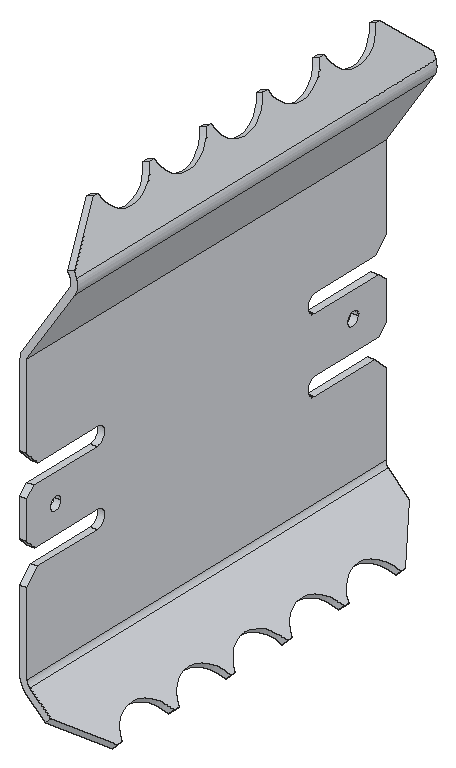
Revit family "Earthing clip 2x for FWKP", category Generic Models, Revit 2017
Family settings
  Can host rebar = No
  Round Connector Dimension = Use Diameter
  Part Type = Normal
  Work Plane-Based = Yes
  Always vertical = No
  Cut with Voids When Loaded = No
  Shared = No
  Room Calculation Point = No
Parameters (values of type "FWKPZ")
  width [instance] = 50 mm  # constant formula
  thickness = 1 mm  # constant formula
  height [instance] = if(Size Options = Option 1, 54.5 mm, 94.5 mm)  # 54.5 mm
  Size Options [instance] = Cable Tray Size : 60
  Range [instance] = if(Size Options = Option 1, 23 mm, 43 mm)  # 23 mm
  Product data url [instance] = if(Size Options = Option 1, "https://www.hager.de/?artnr=FWKPZ003&design=44", "https://www.hager.de/?artnr=FWKPZ004&design=44")  # "https://www.hager.de/?artnr=FWKPZ003&design=44"
  Product Description [instance] = if(Size Options = Option 1, "earthing clip 2x for FWKP height 60", "earthing clip 2x for FWKP height 100")  # "earthing clip 2x for FWKP height 60"
  Path V7 [instance] = if(Size Options = Option 1, "ETIM V7[1474950] / EG000021 - Set for earthing/lightning protection[1474969] / EC001503 - Earthing set[1475342] / [1754864]", "ETIM Version 6[987223] / EG000021 - Set for earthing/lightning protection[987863] / EC001503 - Earthing set[989134] / [1754865]")  # "ETIM V7[1474950] / EG000021 - Set for earthing/lightning protection[1474969] / EC001503 - Earthing set[1475342] / [1754864]"
  Option 2 = Cable Tray Size : 100
  Option 1 = Cable Tray Size : 60
  Group name [instance] = if(Size Options = Option 1, "EG000021", "EG000021")  # "EG000021"
  Group description [instance] = if(Size Options = Option 1, "EG000021 - Set for earthing/lightning protection", "EG000021 - Set for earthing/lightning protection")  # "EG000021 - Set for earthing/lightning protection"
  Edition number = 1
  ETIM Cat V7 = "ETIM_V7"
  Description = ""
  Default Elevation = 1219.2 mm
  Class name [instance] = if(Size Options = Option 1, "EC001503", "EC001503")  # "EC001503"
  Class description [instance] = if(Size Options = Option 1, "EC001503 - Earthing set", "EC001503 - Earthing set")  # "EC001503 - Earthing set"
Reference planes
  plane 1 "Center (Front/Back)": y = 0
  plane 2: z = 0
  plane 3 "Center (Left/Right)": x = 0
  plane 4: z = 54.5
  plane 5: z = 23
  plane 6: z = 39.16
  plane 7: z = 7.11
Forms (mm)
  Extrusion 1, solid, detail levels fine
    sketch origin (0, 0, 0) x (1, 0, 0) y (0, 0, 1)
      loop
        line (6.93, 0.566) -> (1.093, 6.402)
        arc (1.093, 6.402) -> (0.876, 6.727) -> (0.8, 7.11) r 1
        line (0.8, 7.11) -> (0.8, 39.16) -> (6.21, 47.503)
        arc (6.21, 47.503) -> (6.492, 48.311) -> (6.368, 49.158) r 1.8
        line (6.368, 49.158) -> (4.206, 54.5) -> (3.464, 54.2) -> (5.627, 48.858)
        arc (5.627, 48.858) -> (5.695, 48.388) -> (5.539, 47.939) r 1
        line (5.539, 47.939) -> (0.29, 39.843)
        arc (0.29, 39.843) -> (0.074, 39.374) -> (0, 38.864) r 1.8
        line (0, 38.864) -> (0, 7.11)
        arc (0, 7.11) -> (0.137, 6.421) -> (0.527, 5.837) r 1.8
        line (0.527, 5.837) -> (6.364, 0) -> (6.93, 0.566)
    from -25 to 25
  Extrusion 2, void
    sketch origin (4.206, 0, 54.5) x (-0.375254, 0, 0.926922) y (0, 1, 0)
      loop
        line (0, -19.441) -> (0, -12.159)
        arc (0, -12.159) -> (-2.6, -15.8) -> (0, -19.441) r 3.85
      loop
        line (0, -3.641) -> (0, 3.641)
        arc (0, 3.641) -> (-2.6, 0) -> (0, -3.641) r 3.85
      loop
        line (0, 12.159) -> (0, 19.441)
        arc (0, 19.441) -> (-2.6, 15.8) -> (0, 12.159) r 3.85
    from 0 to 0.8
  Extrusion 3, void
    sketch origin (4.206, 0, 54.5) x (-0.375254, 0, 0.926922) y (0, 1, 0)
      loop
        line (-5, -25) -> (0, -25) -> (0, -20) -> (-5, -25)
      loop
        line (0, 4.259) -> (0, 11.541)
        arc (0, 11.541) -> (-2.6, 7.9) -> (0, 4.259) r 3.85
      loop
        line (0, -11.541) -> (0, -4.259)
        arc (0, -4.259) -> (-2.6, -7.9) -> (0, -11.541) r 3.85
      loop
        line (0, 25) -> (-5, 25) -> (0, 20) -> (0, 25)
    from 0 to 0.8
  Extrusion 4, void
    sketch origin (0.527, 0, 5.837) x (-0.707107, 0, 0.707107) y (0, -1, 0)
      loop
        arc (-8.254, -19.441) -> (-5.654, -15.8) -> (-8.254, -12.159) r 3.85
        line (-8.254, -12.159) -> (-8.254, -19.441)
      loop
        arc (-8.254, -3.641) -> (-5.654, 0) -> (-8.254, 3.641) r 3.85
        line (-8.254, 3.641) -> (-8.254, -3.641)
      loop
        arc (-8.254, 12.159) -> (-5.654, 15.8) -> (-8.254, 19.441) r 3.85
        line (-8.254, 19.441) -> (-8.254, 12.159)
    from 0 to 0.8
  Extrusion 5, void
    sketch origin (1.093, 0, 6.402) x (-0.707107, 0, 0.707107) y (0, 1, 0)
      loop
        line (-8.254, 25) -> (-8.254, 20) -> (-3.254, 25) -> (-8.254, 25)
      loop
        line (-8.254, -25) -> (-3.254, -25) -> (-8.254, -20) -> (-8.254, -25)
      loop
        line (-8.254, -4.259) -> (-8.254, -11.541)
        arc (-8.254, -11.541) -> (-5.654, -7.9) -> (-8.254, -4.259) r 3.85
      loop
        line (-8.254, 11.541) -> (-8.254, 4.259)
        arc (-8.254, 4.259) -> (-5.654, 7.9) -> (-8.254, 11.541) r 3.85
    from 0 to 0.8
  Extrusion 6, void
    sketch origin (0.8, 0, 39.16) x (0, 0, 1) y (0, 1, 0)
      loop
        line (-22.835, -25) -> (-18.275, -25) -> (-19.275, -24) -> (-19.275, -15.16)
        arc (-19.275, -15.16) -> (-20.315, -14.12) -> (-21.355, -15.16) r 1.04
        line (-21.355, -15.16) -> (-21.355, -23.52) -> (-22.835, -25)
      loop
        line (-9.485, -25) -> (-10.965, -23.52) -> (-10.965, -15.16)
        arc (-10.965, -15.16) -> (-12.005, -14.12) -> (-13.045, -15.16) r 1.04
        line (-13.045, -15.16) -> (-13.045, -24) -> (-13.914, -25) -> (-9.485, -25)
      loop
        circle (-16.16, -21.05) r 0.79
      loop
        line (-22.835, 25) -> (-21.355, 23.52) -> (-21.355, 15.16)
        arc (-21.355, 15.16) -> (-20.315, 14.12) -> (-19.275, 15.16) r 1.04
        line (-19.275, 15.16) -> (-19.275, 24) -> (-18.275, 25) -> (-22.835, 25)
      loop
        line (-9.485, 25) -> (-13.914, 25) -> (-13.045, 24) -> (-13.045, 15.16)
        arc (-13.045, 15.16) -> (-12.005, 14.12) -> (-10.965, 15.16) r 1.04
        line (-10.965, 15.16) -> (-10.965, 23.52) -> (-9.485, 25)
      loop
        circle (-15.909, 20.436) r 0.79
    from 0 to 0.8
  Extrusion 7, solid, detail levels medium
    sketch origin (0, 0, 0) x (1, 0, 0) y (0, 0, 1)
      loop
        line (0, 0) -> (6.991, 0) -> (6.991, 54.5) -> (0, 54.5) -> (0, 0)
    from -25 to 25
Cuts and joins
  Extrusion 2, Extrusion 3, Extrusion 4, Extrusion 5, Extrusion 6 cuts Extrusion 1
Lines and regions (mm)
  model lines, detail levels coarse
    curve 1: line (0, 0, 54.5) -> (0, 0, 0)
Dimensions and locks
  "height": plane 4 to level
  "Range": plane 5 to level
  locked: plane 4 to plane 6 at 15.34
  locked: plane 7 to level at 7.11
  aligned and locked: level to plane 2
  aligned and locked: plane 4 to Extrusion 7 sketch curve
  aligned and locked: Extrusion 7 to cut or joined group of Extrusion 1, Extrusion 2, Extrusion 3, Extrusion 4, Extrusion 5, Extrusion 6  (x2)
Automatic sketch dimensions
  Extrusion 1 sketch curve to Extrusion 1 sketch curve = 0 mm  (x4)
  Extrusion 1 sketch curve to plane 3 "Center (Left/Right)" = 0 mm
  Extrusion 1 sketch curve to plane 4 = 0 mm
  Extrusion 1 sketch curve to level = 0 mm
  plane 3 "Center (Left/Right)" to Extrusion 1 sketch curve = 0.29 mm
  plane 3 "Center (Left/Right)" to Extrusion 1 sketch curve = 0.527 mm
  plane 3 "Center (Left/Right)" to Extrusion 1 sketch curve = 0.8 mm
  Extrusion 1 sketch curve to Extrusion 1 sketch curve = 0.293 mm
  Extrusion 1 sketch curve to Extrusion 1 sketch curve = 1 mm  (x2)
  Extrusion 1 sketch curve to plane 4 = 0.3 mm
  plane 3 "Center (Left/Right)" to Extrusion 1 sketch curve = 3.464 mm
  Extrusion 1 sketch curve to Extrusion 1 sketch curve = 0.742 mm
  plane 3 "Center (Left/Right)" to Extrusion 1 sketch curve = 4.7 mm
  Extrusion 1 sketch curve to Extrusion 1 sketch curve = 0.839 mm
  Extrusion 1 sketch curve to Extrusion 1 sketch curve = 0.088 mm
  Extrusion 1 sketch curve to Extrusion 1 sketch curve = 0.671 mm
  plane 3 "Center (Left/Right)" to Extrusion 1 sketch curve = 6.364 mm
  Extrusion 1 sketch curve to plane 4 = 5.342 mm
  level to Extrusion 1 sketch curve = 0.566 mm
  Extrusion 1 sketch curve to Extrusion 1 sketch curve = 9.994 mm
  Extrusion 1 sketch curve to Extrusion 1 sketch curve = 0.683 mm
  Extrusion 1 sketch curve to Extrusion 1 sketch curve = 1.355 mm
  Extrusion 2 sketch curve to Extrusion 1 = 0 mm  (x3)
  Extrusion 2 sketch curve to Extrusion 1 = 1.25 mm  (x3)
  Extrusion 2 sketch curve to Extrusion 1 = 5.559 mm
  Extrusion 2 sketch curve to Extrusion 2 sketch curve = 3.641 mm  (x3)
  Extrusion 2 sketch curve to Extrusion 2 sketch curve = 8.517 mm  (x2)
  Extrusion 3 sketch curve to Extrusion 1 = 0 mm  (x5)
  Extrusion 1 to Extrusion 3 sketch curve = 0 mm
  Extrusion 3 sketch curve to Extrusion 1 = 0.763 mm  (x2)
  Extrusion 3 sketch curve to Extrusion 1 = 1.25 mm  (x2)
  Extrusion 3 sketch curve to Extrusion 1 = 5 mm  (x2)
  Extrusion 3 sketch curve to Extrusion 3 sketch curve = 8.459 mm
  Extrusion 3 sketch curve to Extrusion 3 sketch curve = 3.641 mm  (x2)
  Extrusion 3 sketch curve to Extrusion 3 sketch curve = 8.517 mm
  Extrusion 4 sketch curve to Extrusion 1 = 0 mm  (x3)
  Extrusion 1 to Extrusion 4 sketch curve = 1.25 mm  (x3)
  Extrusion 4 sketch curve to Extrusion 1 = 5.559 mm
  Extrusion 4 sketch curve to Extrusion 4 sketch curve = 3.641 mm  (x3)
  Extrusion 4 sketch curve to Extrusion 4 sketch curve = 8.517 mm  (x2)
  Extrusion 5 sketch curve to Extrusion 1 = 0 mm  (x5)
  Extrusion 1 to Extrusion 5 sketch curve = 0 mm
  Extrusion 1 to Extrusion 5 sketch curve = 1.25 mm  (x2)
  Extrusion 1 to Extrusion 5 sketch curve = 3.254 mm  (x2)
  Extrusion 5 sketch curve to Extrusion 1 = 5 mm  (x2)
  Extrusion 5 sketch curve to Extrusion 5 sketch curve = 8.459 mm
  Extrusion 5 sketch curve to Extrusion 5 sketch curve = 3.641 mm  (x2)
  Extrusion 5 sketch curve to Extrusion 5 sketch curve = 8.517 mm
  Extrusion 6 sketch curve to plane 5 = 0 mm  (x3)
  Extrusion 6 sketch curve to plane 5 = 2.115 mm  (x2)
  Extrusion 6 sketch curve to Extrusion 6 sketch curve = 1 mm  (x4)
  Extrusion 6 sketch curve to Extrusion 6 sketch curve = 1.04 mm  (x4)
  Extrusion 6 sketch curve to Extrusion 6 sketch curve = 1.48 mm  (x8)
  plane 5 to Extrusion 6 sketch curve = 0.251 mm  (x3)
  plane 5 to Extrusion 6 sketch curve = 2.246 mm  (x2)
  plane 5 to Extrusion 6 sketch curve = 3.115 mm
  Extrusion 6 sketch curve to Extrusion 6 sketch curve = 0.869 mm
  plane 1 "Center (Front/Back)" to Extrusion 6 sketch curve = 25 mm
  Extrusion 6 sketch curve to Extrusion 6 sketch curve = 0 mm  (x2)
  Extrusion 6 sketch curve to Extrusion 6 sketch curve = 2.95 mm
  Extrusion 6 sketch curve to Extrusion 6 sketch curve = 5.89 mm  (x2)
  Extrusion 6 sketch curve to plane 1 "Center (Front/Back)" = 15.16 mm
  Extrusion 6 sketch curve to Extrusion 6 sketch curve = 5.276 mm
  Extrusion 6 sketch curve to Extrusion 6 sketch curve = 3.084 mm  (x2)
  Extrusion 6 sketch curve to Extrusion 6 sketch curve = 0.48 mm  (x2)
  Extrusion 6 sketch curve to Extrusion 6 sketch curve = 0.79 mm  (x2)
  Extrusion 7 sketch curve to plane 3 "Center (Left/Right)" = 0 mm
  Extrusion 7 sketch curve to level = 0 mm
  plane 3 "Center (Left/Right)" to Extrusion 7 sketch curve = 6.991 mm
  curve 1 to level = 0 mm
  curve 1 to plane 1 "Center (Front/Back)" = 0 mm
  curve 1 to plane 4 = 0 mm
